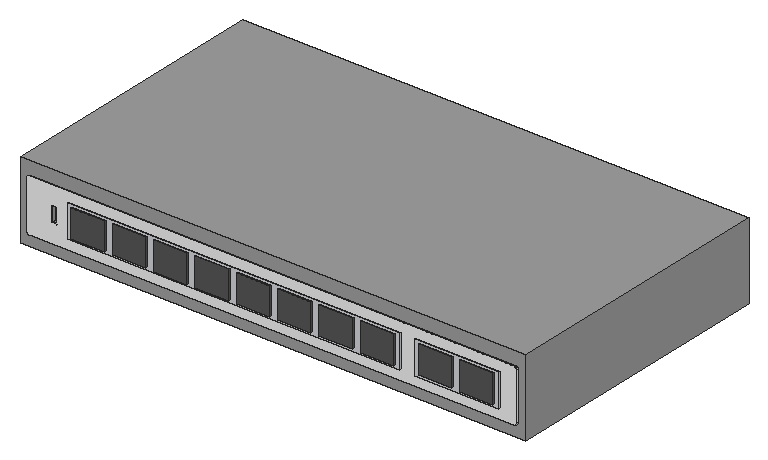
Revit family "BAS-IP_Коммутатор_SH-20-8", category Устройства связи, Revit 2019
Family settings
  Сохранять ориентацию аннотаций = Нет
  Размер круглого соединителя = Использовать диаметр
  Тип детали = Нормальный
  На основе рабочей плоскости = Нет
  Всегда вертикально = Да
  При загрузке вырезать с полостями = Нет
  Общий = Нет
  Точка расчета площади = Нет
Parameters (values of type "SH-20.8")
  УГО_Смещение_Y [instance] = 0 mm
  УГО_Смещение_X [instance] = 0 mm
  Максимальная суммарная мощность всех портов = "124 Вт"
  Температурный режим = "-20 – +55 °С"
  Максимальная мощность на каждом порту с PoE = "15,4 Вт"
  Максимальная длина кабеля при подключении к портам с PoE = "100 м"
  Количество портов PoE = "8 x 10/100Base-TX, 8P8C Auto-MDI / MDI-X (IEEE 802.3af)"
  Источник питания = "Внешний 48 В, 3 А (в комплекте)"
  Габаритные размеры = "190.5 × 105 × 29 мм"
  Уровень коммутатора = "1 (неуправляемый)"
  Метод подачи питания на портах с PoE = "Метод B"
  Изготовитель = "BAS-IP"  # constant formula
  Количество портов UpLink = "2 x 10/100Base-TX / 8P8C Auto-MDI / MDI-X"
  ADSK_Размер_Смещение от уровня [instance] = 1000 mm
  ADSK_Примечание [instance] = ""
  ADSK_Позиция [instance] = ""
  ADSK_Наименование = "PoE коммутатор на 8 портов"
  ADSK_Материал = Gray
  ADSK_Марка = "SH-20.8"
  ADSK_Количество = 1  # constant formula
  ADSK_Код изделия = ""
  ADSK_Завод-изготовитель = "BAS-IP"  # constant formula
  ADSK_Единица измерения = "шт."  # constant formula
Reference planes
  plane 1 "По центру (Вперед/Назад)": y = 0
  plane 2: z = 0
  plane 3 "По центру (Влево/Вправо)": x = 0
  plane 4: z = 1000
  plane 5: z = 0
  plane 6: x = 0
  plane 7: y = 0
Forms (mm)
  Extrusion 1, solid, material "Gray" <- "ADSK_Материал", not visible, detail levels medium+fine
    sketch origin (0, 0, 0) x (1, 0, 0) y (0, 1, 0)
      loop
        line (-95.25, 0) -> (-95.25, -105) -> (95.25, -105) -> (95.25, 0) -> (-95.25, 0)
    from 0 to 29
  Extrusion 2, void, not visible
    sketch origin (-29.045, -10, 0) x (1, 0, 0) y (0, 0, 1)
      loop
        line (-54.052, 17.169) -> (-54.052, 11.32) -> (-51.882, 11.32) -> (-51.882, 17.169) -> (-54.052, 17.169)
    from 94 to 95.5
  Extrusion 3, solid, material "White", not visible, detail levels fine
    sketch origin (81.37, -9.5, 0) x (1, 0, 0) y (0, 0, 1)
      loop
        arc (-172.72, 24.106) -> (-173.427, 23.813) -> (-173.72, 23.106) r 1
        line (-173.72, 23.106) -> (-173.72, 5.106)
        arc (-173.72, 5.106) -> (-173.427, 4.399) -> (-172.72, 4.106) r 1
        line (-172.72, 4.106) -> (9.98, 4.106)
        arc (9.98, 4.106) -> (10.687, 4.399) -> (10.98, 5.106) r 1
        line (10.98, 5.106) -> (10.98, 23.106)
        arc (10.98, 23.106) -> (10.687, 23.813) -> (9.98, 24.106) r 1
        line (9.98, 24.106) -> (-172.72, 24.106)
    from 95 to 96
  Extrusion 4, solid, not visible, detail levels fine
    sketch origin (219.473, -10, 0) x (1, 0, 0) y (0, 0, 1)
      loop
        line (-165.221, 20.358) -> (-165.221, 8.045) -> (-133.468, 8.045) -> (-133.468, 20.358) -> (-165.221, 20.358)
    from 95 to 96
  Extrusion 5, solid, material "Black", not visible, detail levels fine
    sketch origin (218.111, -10, -0.358) x (1, 0, 0) y (0, 0, 1)
      loop
        line (-162, 19.946) -> (-162, 9.348) -> (-149.523, 9.348) -> (-149.523, 19.946) -> (-162, 19.946)
    from 95 to 96.5
  Extrusion 6, solid, material "Black", not visible, detail levels fine
    sketch origin (233.697, -10, -0.358) x (1, 0, 0) y (0, 0, 1)
      loop
        line (-162, 19.946) -> (-162, 9.348) -> (-149.523, 9.348) -> (-149.523, 19.946) -> (-162, 19.946)
    from 95 to 96.5
  Extrusion 7, solid, not visible, detail levels fine
    sketch origin (87.268, -10, 0) x (1, 0, 0) y (0, 0, 1)
      loop
        line (-163.972, 20.358) -> (-163.972, 8.045) -> (-38.701, 8.045) -> (-38.701, 20.358) -> (-163.972, 20.358)
    from 95 to 96
  Extrusion 8, solid, material "Black", not visible, detail levels fine
    sketch origin (87.155, -10, -0.358) x (1, 0, 0) y (0, 0, 1)
      loop
        line (-162, 19.946) -> (-162, 9.348) -> (-149.523, 9.348) -> (-149.523, 19.946) -> (-162, 19.946)
    from 95 to 96.5
  Extrusion 9, solid, material "Black", not visible, detail levels fine
    sketch origin (102.741, -10, -0.358) x (1, 0, 0) y (0, 0, 1)
      loop
        line (-162, 19.946) -> (-162, 9.348) -> (-149.523, 9.348) -> (-149.523, 19.946) -> (-162, 19.946)
    from 95 to 96.5
  Extrusion 10, solid, material "Black", not visible, detail levels fine
    sketch origin (118.327, -10, -0.358) x (1, 0, 0) y (0, 0, 1)
      loop
        line (-162, 19.946) -> (-162, 9.348) -> (-149.523, 9.348) -> (-149.523, 19.946) -> (-162, 19.946)
    from 95 to 96.5
  Extrusion 11, solid, material "Black", not visible, detail levels fine
    sketch origin (133.913, -10, -0.358) x (1, 0, 0) y (0, 0, 1)
      loop
        line (-162, 19.946) -> (-162, 9.348) -> (-149.523, 9.348) -> (-149.523, 19.946) -> (-162, 19.946)
    from 95 to 96.5
  Extrusion 12, solid, material "Black", not visible, detail levels fine
    sketch origin (149.499, -10, -0.358) x (1, 0, 0) y (0, 0, 1)
      loop
        line (-162, 19.946) -> (-162, 9.348) -> (-149.523, 9.348) -> (-149.523, 19.946) -> (-162, 19.946)
    from 95 to 96.5
  Extrusion 13, solid, material "Black", not visible, detail levels fine
    sketch origin (165.085, -10, -0.358) x (1, 0, 0) y (0, 0, 1)
      loop
        line (-162, 19.946) -> (-162, 9.348) -> (-149.523, 9.348) -> (-149.523, 19.946) -> (-162, 19.946)
    from 95 to 96.5
  Extrusion 14, solid, material "Black", not visible, detail levels fine
    sketch origin (180.671, -10, -0.358) x (1, 0, 0) y (0, 0, 1)
      loop
        line (-162, 19.946) -> (-162, 9.348) -> (-149.523, 9.348) -> (-149.523, 19.946) -> (-162, 19.946)
    from 95 to 96.5
  Extrusion 15, solid, material "Black", not visible, detail levels fine
    sketch origin (196.257, -10, -0.358) x (1, 0, 0) y (0, 0, 1)
      loop
        line (-162, 19.946) -> (-162, 9.348) -> (-149.523, 9.348) -> (-149.523, 19.946) -> (-162, 19.946)
    from 95 to 96.5
  Extrusion 16, solid, material "Gray" <- "ADSK_Материал", detail levels medium+fine
    sketch origin (0, 0, 1000) x (1, 0, 0) y (0, 1, 0)
      loop
        line (-95.25, 0) -> (-95.25, -105) -> (95.25, -105) -> (95.25, 0) -> (-95.25, 0)
    from 0 to 29
  Extrusion 17, void
    sketch origin (-29.045, -10, 1000) x (1, 0, 0) y (0, 0, 1)
      loop
        line (-54.052, 17.169) -> (-54.052, 11.32) -> (-51.882, 11.32) -> (-51.882, 17.169) -> (-54.052, 17.169)
    from 94 to 95.5
  Extrusion 18, solid, material "White", detail levels fine
    sketch origin (81.37, -9.5, 1000) x (1, 0, 0) y (0, 0, 1)
      loop
        arc (-172.72, 24.106) -> (-173.427, 23.813) -> (-173.72, 23.106) r 1
        line (-173.72, 23.106) -> (-173.72, 5.106)
        arc (-173.72, 5.106) -> (-173.427, 4.399) -> (-172.72, 4.106) r 1
        line (-172.72, 4.106) -> (9.98, 4.106)
        arc (9.98, 4.106) -> (10.687, 4.399) -> (10.98, 5.106) r 1
        line (10.98, 5.106) -> (10.98, 23.106)
        arc (10.98, 23.106) -> (10.687, 23.813) -> (9.98, 24.106) r 1
        line (9.98, 24.106) -> (-172.72, 24.106)
    from 95 to 96
  Extrusion 19, solid, detail levels fine
    sketch origin (219.473, -10, 1000) x (1, 0, 0) y (0, 0, 1)
      loop
        line (-165.221, 20.358) -> (-165.221, 8.045) -> (-133.468, 8.045) -> (-133.468, 20.358) -> (-165.221, 20.358)
    from 95 to 96
  Extrusion 20, solid, material "Black", detail levels fine
    sketch origin (218.111, -10, 999.642) x (1, 0, 0) y (0, 0, 1)
      loop
        line (-162, 19.946) -> (-162, 9.348) -> (-149.523, 9.348) -> (-149.523, 19.946) -> (-162, 19.946)
    from 95 to 96.5
  Extrusion 21, solid, material "Black", detail levels fine
    sketch origin (233.697, -10, 999.642) x (1, 0, 0) y (0, 0, 1)
      loop
        line (-162, 19.946) -> (-162, 9.348) -> (-149.523, 9.348) -> (-149.523, 19.946) -> (-162, 19.946)
    from 95 to 96.5
  Extrusion 22, solid, detail levels fine
    sketch origin (87.268, -10, 1000) x (1, 0, 0) y (0, 0, 1)
      loop
        line (-163.972, 20.358) -> (-163.972, 8.045) -> (-38.701, 8.045) -> (-38.701, 20.358) -> (-163.972, 20.358)
    from 95 to 96
  Extrusion 23, solid, material "Black", detail levels fine
    sketch origin (87.155, -10, 999.642) x (1, 0, 0) y (0, 0, 1)
      loop
        line (-162, 19.946) -> (-162, 9.348) -> (-149.523, 9.348) -> (-149.523, 19.946) -> (-162, 19.946)
    from 95 to 96.5
  Extrusion 24, solid, material "Black", detail levels fine
    sketch origin (102.741, -10, 999.642) x (1, 0, 0) y (0, 0, 1)
      loop
        line (-162, 19.946) -> (-162, 9.348) -> (-149.523, 9.348) -> (-149.523, 19.946) -> (-162, 19.946)
    from 95 to 96.5
  Extrusion 25, solid, material "Black", detail levels fine
    sketch origin (118.327, -10, 999.642) x (1, 0, 0) y (0, 0, 1)
      loop
        line (-162, 19.946) -> (-162, 9.348) -> (-149.523, 9.348) -> (-149.523, 19.946) -> (-162, 19.946)
    from 95 to 96.5
  Extrusion 26, solid, material "Black", detail levels fine
    sketch origin (133.913, -10, 999.642) x (1, 0, 0) y (0, 0, 1)
      loop
        line (-162, 19.946) -> (-162, 9.348) -> (-149.523, 9.348) -> (-149.523, 19.946) -> (-162, 19.946)
    from 95 to 96.5
  Extrusion 27, solid, material "Black", detail levels fine
    sketch origin (149.499, -10, 999.642) x (1, 0, 0) y (0, 0, 1)
      loop
        line (-162, 19.946) -> (-162, 9.348) -> (-149.523, 9.348) -> (-149.523, 19.946) -> (-162, 19.946)
    from 95 to 96.5
  Extrusion 28, solid, material "Black", detail levels fine
    sketch origin (165.085, -10, 999.642) x (1, 0, 0) y (0, 0, 1)
      loop
        line (-162, 19.946) -> (-162, 9.348) -> (-149.523, 9.348) -> (-149.523, 19.946) -> (-162, 19.946)
    from 95 to 96.5
  Extrusion 29, solid, material "Black", detail levels fine
    sketch origin (180.671, -10, 999.642) x (1, 0, 0) y (0, 0, 1)
      loop
        line (-162, 19.946) -> (-162, 9.348) -> (-149.523, 9.348) -> (-149.523, 19.946) -> (-162, 19.946)
    from 95 to 96.5
  Extrusion 30, solid, material "Black", detail levels fine
    sketch origin (196.257, -10, 999.642) x (1, 0, 0) y (0, 0, 1)
      loop
        line (-162, 19.946) -> (-162, 9.348) -> (-149.523, 9.348) -> (-149.523, 19.946) -> (-162, 19.946)
    from 95 to 96.5
Cuts and joins
  Extrusion 17 cuts Extrusion 16
  Extrusion 17 cuts Extrusion 18
Dimensions and locks
  "ADSK_Размер_Смещение от уровня": plane 4 to plane 2
  "УГО_Смещение_X": plane 3 "По центру (Влево/Вправо)" to plane 6
  "УГО_Смещение_Y": plane 7 to plane 1 "По центру (Вперед/Назад)"
  aligned and locked: level to plane 2
  aligned and locked: Extrusion 16 to plane 4
  aligned and locked: Extrusion 1 to plane 5
  aligned and locked: plane 6 to nested 1
  aligned and locked: nested 1 to plane 7
Automatic sketch dimensions
  Extrusion 2 sketch curve to Extrusion 2 sketch curve = 2.17 mm
  Extrusion 2 sketch curve to Extrusion 2 sketch curve = 5.849 mm
  Extrusion 3 sketch curve to Extrusion 3 sketch curve = 1 mm  (x3)
  Extrusion 3 sketch curve to Extrusion 3 sketch curve = 18 mm
  Extrusion 4 sketch curve to Extrusion 4 sketch curve = 31.752 mm
  Extrusion 4 sketch curve to Extrusion 4 sketch curve = 12.313 mm
  Extrusion 5 sketch curve to Extrusion 5 sketch curve = 12.477 mm
  Extrusion 5 sketch curve to Extrusion 5 sketch curve = 10.598 mm
  Extrusion 6 sketch curve to Extrusion 6 sketch curve = 12.477 mm
  Extrusion 6 sketch curve to Extrusion 6 sketch curve = 10.598 mm
  Extrusion 7 sketch curve to Extrusion 7 sketch curve = 12.312 mm
  Extrusion 8 sketch curve to Extrusion 8 sketch curve = 12.477 mm
  Extrusion 8 sketch curve to Extrusion 8 sketch curve = 10.598 mm
  Extrusion 9 sketch curve to Extrusion 9 sketch curve = 12.477 mm
  Extrusion 9 sketch curve to Extrusion 9 sketch curve = 10.598 mm
  Extrusion 10 sketch curve to Extrusion 10 sketch curve = 12.477 mm
  Extrusion 10 sketch curve to Extrusion 10 sketch curve = 10.598 mm
  Extrusion 11 sketch curve to Extrusion 11 sketch curve = 12.477 mm
  Extrusion 11 sketch curve to Extrusion 11 sketch curve = 10.598 mm
  Extrusion 12 sketch curve to Extrusion 12 sketch curve = 10.598 mm
  Extrusion 13 sketch curve to Extrusion 13 sketch curve = 12.477 mm
  Extrusion 13 sketch curve to Extrusion 13 sketch curve = 10.598 mm
  Extrusion 14 sketch curve to Extrusion 14 sketch curve = 12.477 mm
  Extrusion 14 sketch curve to Extrusion 14 sketch curve = 10.598 mm
  Extrusion 15 sketch curve to Extrusion 15 sketch curve = 12.477 mm
  Extrusion 15 sketch curve to Extrusion 15 sketch curve = 10.598 mm
  Extrusion 1 sketch curve to Extrusion 1 sketch curve = 190.5 mm
  Extrusion 1 sketch curve to Extrusion 1 sketch curve = 105 mm
  Extrusion 3 sketch curve to Extrusion 3 sketch curve = 182.7 mm
  Extrusion 3 sketch curve to Extrusion 3 sketch curve = 0 mm
  Extrusion 7 sketch curve to Extrusion 7 sketch curve = 125.271 mm
  Extrusion 12 sketch curve to Extrusion 12 sketch curve = 12.477 mm
  Extrusion 17 sketch curve to Extrusion 17 sketch curve = 2.17 mm
  Extrusion 17 sketch curve to Extrusion 17 sketch curve = 5.849 mm
  Extrusion 18 sketch curve to Extrusion 18 sketch curve = 1 mm  (x3)
  Extrusion 18 sketch curve to Extrusion 18 sketch curve = 18 mm
  Extrusion 19 sketch curve to Extrusion 19 sketch curve = 31.752 mm
  Extrusion 19 sketch curve to Extrusion 19 sketch curve = 12.313 mm
  Extrusion 20 sketch curve to Extrusion 20 sketch curve = 12.477 mm
  Extrusion 20 sketch curve to Extrusion 20 sketch curve = 10.598 mm
  Extrusion 21 sketch curve to Extrusion 21 sketch curve = 12.477 mm
  Extrusion 21 sketch curve to Extrusion 21 sketch curve = 10.598 mm
  Extrusion 22 sketch curve to Extrusion 22 sketch curve = 12.312 mm
  Extrusion 23 sketch curve to Extrusion 23 sketch curve = 12.477 mm
  Extrusion 23 sketch curve to Extrusion 23 sketch curve = 10.598 mm
  Extrusion 24 sketch curve to Extrusion 24 sketch curve = 12.477 mm
  Extrusion 24 sketch curve to Extrusion 24 sketch curve = 10.598 mm
  Extrusion 25 sketch curve to Extrusion 25 sketch curve = 12.477 mm
  Extrusion 25 sketch curve to Extrusion 25 sketch curve = 10.598 mm
  Extrusion 26 sketch curve to Extrusion 26 sketch curve = 12.477 mm
  Extrusion 26 sketch curve to Extrusion 26 sketch curve = 10.598 mm
  Extrusion 27 sketch curve to Extrusion 27 sketch curve = 10.598 mm
  Extrusion 28 sketch curve to Extrusion 28 sketch curve = 12.477 mm
  Extrusion 28 sketch curve to Extrusion 28 sketch curve = 10.598 mm
  Extrusion 29 sketch curve to Extrusion 29 sketch curve = 12.477 mm
  Extrusion 29 sketch curve to Extrusion 29 sketch curve = 10.598 mm
  Extrusion 30 sketch curve to Extrusion 30 sketch curve = 12.477 mm
  Extrusion 30 sketch curve to Extrusion 30 sketch curve = 10.598 mm
  Extrusion 16 sketch curve to Extrusion 16 sketch curve = 190.5 mm
  Extrusion 16 sketch curve to Extrusion 16 sketch curve = 105 mm
  Extrusion 18 sketch curve to Extrusion 18 sketch curve = 182.7 mm
  Extrusion 18 sketch curve to Extrusion 18 sketch curve = 0 mm
  Extrusion 22 sketch curve to Extrusion 22 sketch curve = 125.271 mm
  Extrusion 27 sketch curve to Extrusion 27 sketch curve = 12.477 mm
Nested families
  nested 1: "УГО_Коммутатор" at (0, 0, 0), type "УГО_Коммутатор", detail levels coarse+medium
Connectors
  electrical at (0, 0, 1014.5)
    settings: on cut or joined group of Extrusion 16, Extrusion 17, index 1, voltage 0 V, apparent load 0 VA, apparent load phase1 0 VA, apparent load phase2 0 VA, apparent load phase3 0 VA, power factor 1, load classification "Прочее", number of poles 1, system type 13, power factor state 1, is connector primary yes, connector utility no, sub classification motor no, connector description ""
Definition of nested family "УГО_Коммутатор"
  Reference planes
    plane 1: y = 0
    plane 2: x = 0
  Lines and regions (mm)
    detail lines
      curve 1: line (-3.5, -5, 0) -> (-3.5, 0, 0)
      curve 2: line (3.5, -5, 0) -> (-3.5, -5, 0)
      curve 3: line (3.5, 0, 0) -> (3.5, -5, 0)
      curve 4: line (-3.5, 0, 0) -> (3.5, 0, 0)
  Text (mm)
    text "SW" at (0.069, -2.443, 0)
